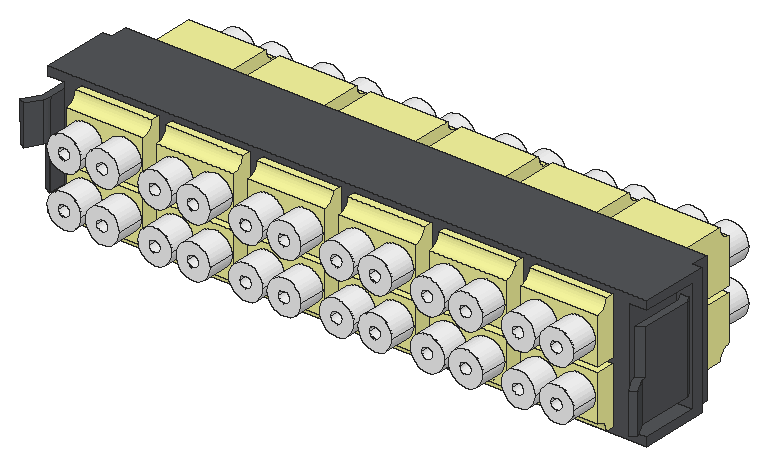
Revit family "LC Duplex 24 fibras", category Installations électriques, Revit 2020
Family settings
  Conserver l'orientation des annotations = Non
  Cote de connecteur circulaire = Utiliser le diamètre
  Type d'élément = Normal
  Basée sur le plan de construction = Non
  Toujours verticalement = Oui
  Couper avec des vides une fois chargée = Non
  Partagée = Non
  Point de calcul de pièce = Non
Parameters (values of type "Panel de adaptadores LC Duplex 24 fibras multimodal")
  Tipo de la fibra óptica = "Mutlimodal"
  Tipo de conector interno = "LC_DUPLEX"
  Tipo de conector externo = "LC_DUPLEX"
  Temperatura operativa = "-10°C à 60°C"
  Temperatura de almacenamiento = "-10°C à 60°C"
  Profundidad = 38.4 mm
  Número de pieza Legrand = "032125"
  Número de conectores = 24
  Numero RAL = "9017"
  IP = "IP20"
  IK = "IK04"
  Función = "Paneles de interconexión con optical conector Legrand"
  Formulación BIM = "Panel de adaptadores LC Duplex 24 fibras multimodal"
  Elévation par défaut = 0 mm
  EAN = "3414970961891"
  E-catalogo enlace = "https://www.legrand.fr/reference/032125/pro"
  Color de los conectores = IDS_JAUNE
  Color = IDS_NOIR
  Clasificación ETIM = "EC001130"
  Anchura de los conectores = 13.5 mm
  Anchura de la apertura = 6 mm
  Anchura (mm) = 108.8 mm
  Altura de los conectores = 10 mm
  Altura de la apertura = 1 mm
  Altura = 23 mm
Types (2, lengths in mm): name | Tipo de la fibra óptica | Número de pieza Legrand | Formulación BIM | EAN | E-catalogo enlace | Color de los conectores
  Panel de adaptadores LC Duplex 24 fibras monomodal | "unimodal" | "032115" | "Panel de adaptadores LC Duplex 24 fibras monomodal" | "3414970961754" | "https://www.legrand.fr/reference/032115/pro" | IDS_BLEU
  Panel de adaptadores LC Duplex 24 fibras multimodal | "Mutlimodal" | "032125" | "Panel de adaptadores LC Duplex 24 fibras multimodal" | "3414970961891" | "https://www.legrand.fr/reference/032125/pro" | IDS_JAUNE
Reference planes
  plane 1 "Centre (avant/arrière)": y = 0
  plane 2: z = 0
  plane 3 "Centre (gauche/droite)": x = 0
  plane 4 "Clip bas": z = 4
  plane 5 "Clip haut": z = 19
  plane 6: x = 105.5
  plane 7: x = 52.75
  plane 8: through (0.797, -2.504, 1200) normal (-0.866, 0.5, 0)
  plane 9: z = 1
  plane 10: z = 11
  plane 11: z = 12
  plane 12: z = 22
  plane 13: x = 6
  plane 14: x = 19.5
  plane 15: z = 23
  plane 16: x = 22
  plane 17: x = 35.5
  plane 18: x = 38
  plane 19: x = 51.5
  plane 20: x = 54
  plane 21: x = 67.5
  plane 22: x = 70
  plane 23: x = 83.5
  plane 24: x = 86
  plane 25: x = 99.5
  plane 26: y = -3.5
  plane 27: y = 25.5
  plane 28: z = 16
  plane 29: x = 12.75
  plane 30: x = 9.375
  plane 31: x = 16.125
  plane 32: z = 7
  plane 33: y = 11
  plane 34: z = 16
  plane 35: x = 28.75
  plane 36: x = 25.375
  plane 37: x = 32.125
  plane 38: z = 7
  plane 39: z = 16
  plane 40: x = 44.75
  plane 41: x = 41.375
  plane 42: x = 48.125
  plane 43: z = 7
  plane 44: z = 16
  plane 45: x = 60.75
  plane 46: x = 57.375
  plane 47: x = 64.125
  plane 48: z = 7
  plane 49: z = 16
  plane 50: x = 76.75
  plane 51: x = 73.375
  plane 52: x = 80.125
  plane 53: z = 7
  plane 54: z = 16
  plane 55: x = 92.75
  plane 56: x = 89.375
  plane 57: x = 96.125
  plane 58: z = 7
  plane 59: z = 16
  plane 60: x = 12.75
  plane 61: x = 9.375
  plane 62: x = 16.125
  plane 63: z = 7
  plane 64: z = 16
  plane 65: x = 28.75
  plane 66: x = 25.375
  plane 67: x = 32.125
  plane 68: z = 7
  plane 69: z = 16
  plane 70: x = 44.75
  plane 71: x = 41.375
  plane 72: x = 48.125
  plane 73: z = 7
  plane 74: z = 16
  plane 75: x = 60.75
  plane 76: x = 57.375
  plane 77: x = 64.125
  plane 78: z = 7
  plane 79: z = 16
  plane 80: x = 76.75
  plane 81: x = 73.375
  plane 82: x = 80.125
  plane 83: z = 7
  plane 84: z = 16
  plane 85: x = 92.75
  plane 86: x = 89.375
  plane 87: x = 96.125
  plane 88: z = 7
Forms (mm)
  Extrusion 1, solid, material "IDS_NOIR"
    sketch origin (0, 0, 0) x (1, 0, 0) y (0, 1, 0)
      loop
        line (0, 0) -> (105.5, 0) -> (105.5, 12) -> (103.9, 12) -> (103.9, 15) -> (1.6, 15) -> (1.6, 12) -> (0, 12) -> (0, 0)
    from 0 to 23
  Extrusion 2, void
    sketch origin (0, 0, 0) x (-1, 0, 0) y (0, 0, 1)
      loop
        line (0, 21.5) -> (-3, 21.5) -> (-3, 1.5) -> (0, 1.5) -> (0, 21.5)
      loop
        line (-105.5, 21.5) -> (-105.5, 1.5) -> (-102.5, 1.5) -> (-102.5, 21.5) -> (-105.5, 21.5)
    from 0 to 10
  Extrusion 3, solid, material "IDS_NOIR"
    sketch origin (0, 25.162, 4) x (0, 1, 0) y (-1, 0, 0)
      loop
        line (-29.912, 0.5) -> (-27.374, -0.965)
        arc (-27.374, -0.965) -> (-26.771, -1.215) -> (-26.124, -1.3) r 2.5
        line (-26.124, -1.3) -> (-16.662, -1.3) -> (-15.162, -2.166) -> (-15.162, -0.665) -> (-16.313, 0) -> (-26.446, 0) -> (-29.262, 1.626) -> (-29.912, 0.5)
      loop
        line (-29.912, -106) -> (-29.262, -107.126) -> (-26.446, -105.5) -> (-16.313, -105.5) -> (-15.162, -104.835) -> (-15.162, -103.334) -> (-16.662, -104.2) -> (-26.124, -104.2)
        arc (-26.124, -104.2) -> (-26.771, -104.285) -> (-27.374, -104.535) r 2.5
        line (-27.374, -104.535) -> (-29.912, -106)
    from 0 to 15
  Extrusion 4, void
    sketch origin (0.797, -2.504, 1200) x (0.5, 0.866025, 0) y (0, 0, 1)
      loop
        line (-2.593, -1196) -> (1.407, -1196) -> (1.407, -1188) -> (-2.593, -1188) -> (-2.593, -1196)
    from 0 to -2.615
  Extrusion 5, void
    sketch origin (104.703, -2.504, 1200) x (-0.5, 0.866025, 0) y (0, 0, -1)
      loop
        line (-2.593, 1181) -> (1.407, 1181) -> (1.407, 1189) -> (-2.593, 1189) -> (-2.593, 1181)
    from 0 to -2.615
  Extrusion 6, void
    sketch origin (2.941, 0, 0) x (-1, 0, 0) y (0, 0, 1)
      loop
        line (-3.059, 11) -> (-16.559, 11) -> (-16.559, 1) -> (-3.059, 1) -> (-3.059, 11)
      loop
        line (-19.059, 1) -> (-19.059, 11) -> (-32.559, 11) -> (-32.559, 1) -> (-19.059, 1)
      loop
        line (-35.059, 11) -> (-48.559, 11) -> (-48.559, 1) -> (-35.059, 1) -> (-35.059, 11)
      loop
        line (-51.059, 1) -> (-51.059, 11) -> (-64.559, 11) -> (-64.559, 1) -> (-51.059, 1)
      loop
        line (-67.059, 1) -> (-67.059, 11) -> (-80.559, 11) -> (-80.559, 1) -> (-67.059, 1)
      loop
        line (-83.059, 1) -> (-83.059, 11) -> (-96.559, 11) -> (-96.559, 1) -> (-83.059, 1)
    from 0 to 15
  Extrusion 7, void
    sketch origin (0, 0, 0) x (-1, 0, 0) y (0, 0, 1)
      loop
        line (-6, 12) -> (-6, 22) -> (-19.5, 22) -> (-19.5, 12) -> (-6, 12)
      loop
        line (-22, 12) -> (-22, 22) -> (-35.5, 22) -> (-35.5, 12) -> (-22, 12)
      loop
        line (-38, 22) -> (-51.5, 22) -> (-51.5, 12) -> (-38, 12) -> (-38, 22)
      loop
        line (-54, 12) -> (-54, 22) -> (-67.5, 22) -> (-67.5, 12) -> (-54, 12)
      loop
        line (-70, 12) -> (-70, 22) -> (-83.5, 22) -> (-83.5, 12) -> (-70, 12)
      loop
        line (-86, 12) -> (-86, 22) -> (-99.5, 22) -> (-99.5, 12) -> (-86, 12)
    from 0 to 15
  Extrusion 8, solid, material "IDS_JAUNE" <- "Color de los conectores"
    sketch origin (3.167, -3.5, 1200) x (-1, 0, 0) y (0, 0, 1)
      loop
        line (-16.333, -1199) -> (-2.833, -1199) -> (-2.833, -1189) -> (-16.333, -1189) -> (-16.333, -1199)
      loop
        line (-16.333, -1188) -> (-2.833, -1188) -> (-2.833, -1178) -> (-16.333, -1178) -> (-16.333, -1188)
      loop
        line (-18.833, -1188) -> (-18.833, -1178) -> (-32.333, -1178) -> (-32.333, -1188) -> (-18.833, -1188)
      loop
        line (-18.833, -1189) -> (-32.333, -1189) -> (-32.333, -1199) -> (-18.833, -1199) -> (-18.833, -1189)
      loop
        line (-34.833, -1199) -> (-34.833, -1189) -> (-48.333, -1189) -> (-48.333, -1199) -> (-34.833, -1199)
      loop
        line (-48.333, -1188) -> (-34.833, -1188) -> (-34.833, -1178) -> (-48.333, -1178) -> (-48.333, -1188)
      loop
        line (-50.833, -1188) -> (-50.833, -1178) -> (-64.333, -1178) -> (-64.333, -1188) -> (-50.833, -1188)
      loop
        line (-50.833, -1189) -> (-64.333, -1189) -> (-64.333, -1199) -> (-50.833, -1199) -> (-50.833, -1189)
      loop
        line (-66.833, -1199) -> (-66.833, -1189) -> (-80.333, -1189) -> (-80.333, -1199) -> (-66.833, -1199)
      loop
        line (-80.333, -1188) -> (-66.833, -1188) -> (-66.833, -1178) -> (-80.333, -1178) -> (-80.333, -1188)
      loop
        line (-82.833, -1188) -> (-82.833, -1178) -> (-96.333, -1178) -> (-96.333, -1188) -> (-82.833, -1188)
      loop
        line (-82.833, -1189) -> (-96.333, -1189) -> (-96.333, -1199) -> (-82.833, -1199) -> (-82.833, -1189)
    from 0 to 29
  Extrusion 9, void
    sketch origin (6, -1524, 1.878) x (0, 0, 1) y (0, -1, 0)
      loop
        line (-0.878, -1520.5) -> (-0.878, -1522.5)
        arc (-0.878, -1522.5) -> (0.536, -1521.914) -> (1.122, -1520.5) r 2
        line (1.122, -1520.5) -> (-0.878, -1520.5)
      loop
        line (20.122, -1522.5) -> (20.122, -1520.5) -> (18.122, -1520.5)
        arc (18.122, -1520.5) -> (18.707, -1521.914) -> (20.122, -1522.5) r 2
      loop
        line (18.122, -1549.5) -> (20.122, -1549.5) -> (20.122, -1547.5)
        arc (20.122, -1547.5) -> (18.707, -1548.086) -> (18.122, -1549.5) r 2
      loop
        line (-0.878, -1549.5) -> (1.122, -1549.5)
        arc (1.122, -1549.5) -> (0.536, -1548.086) -> (-0.878, -1547.5) r 2
        line (-0.878, -1547.5) -> (-0.878, -1549.5)
    from 0 to 93.5
  Extrusion 10, solid, material "IDS_BLANC"
    sketch origin (3.167, -3.5, 1200) x (-1, 0, 0) y (0, 0, 1)
      loop
        circle (-6.208, -1184) r 3
      loop
        circle (-6.208, -1184) r 1
      loop
        circle (-12.958, -1184) r 3
      loop
        circle (-12.958, -1184) r 1
      loop
        circle (-6.208, -1193) r 3
      loop
        circle (-6.208, -1193) r 1
      loop
        circle (-12.958, -1193) r 3
      loop
        circle (-12.958, -1193) r 1
    from 0 to -4.7
  Extrusion 11, solid, material "IDS_BLANC"
    sketch origin (19.167, -3.5, 1200) x (-1, 0, 0) y (0, 0, 1)
      loop
        circle (-6.208, -1184) r 3
      loop
        circle (-6.208, -1184) r 1
      loop
        circle (-12.958, -1184) r 3
      loop
        circle (-12.958, -1184) r 1
      loop
        circle (-6.208, -1193) r 3
      loop
        circle (-6.208, -1193) r 1
      loop
        circle (-12.958, -1193) r 3
      loop
        circle (-12.958, -1193) r 1
    from 0 to -4.7
  Extrusion 12, solid, material "IDS_BLANC"
    sketch origin (35.167, -3.5, 1200) x (-1, 0, 0) y (0, 0, 1)
      loop
        circle (-6.208, -1184) r 3
      loop
        circle (-6.208, -1184) r 1
      loop
        circle (-12.958, -1184) r 3
      loop
        circle (-12.958, -1184) r 1
      loop
        circle (-6.208, -1193) r 3
      loop
        circle (-6.208, -1193) r 1
      loop
        circle (-12.958, -1193) r 3
      loop
        circle (-12.958, -1193) r 1
    from 0 to -4.7
  Extrusion 13, solid, material "IDS_BLANC"
    sketch origin (51.167, -3.5, 1200) x (-1, 0, 0) y (0, 0, 1)
      loop
        circle (-6.208, -1184) r 3
      loop
        circle (-6.208, -1184) r 1
      loop
        circle (-12.958, -1184) r 3
      loop
        circle (-12.958, -1184) r 1
      loop
        circle (-6.208, -1193) r 3
      loop
        circle (-6.208, -1193) r 1
      loop
        circle (-12.958, -1193) r 3
      loop
        circle (-12.958, -1193) r 1
    from 0 to -4.7
  Extrusion 14, solid, material "IDS_BLANC"
    sketch origin (67.167, -3.5, 1200) x (-1, 0, 0) y (0, 0, 1)
      loop
        circle (-6.208, -1184) r 3
      loop
        circle (-6.208, -1184) r 1
      loop
        circle (-12.958, -1184) r 3
      loop
        circle (-12.958, -1184) r 1
      loop
        circle (-6.208, -1193) r 3
      loop
        circle (-6.208, -1193) r 1
      loop
        circle (-12.958, -1193) r 3
      loop
        circle (-12.958, -1193) r 1
    from 0 to -4.7
  Extrusion 15, solid, material "IDS_BLANC"
    sketch origin (83.167, -3.5, 1200) x (-1, 0, 0) y (0, 0, 1)
      loop
        circle (-6.208, -1184) r 3
      loop
        circle (-6.208, -1184) r 1
      loop
        circle (-12.958, -1184) r 3
      loop
        circle (-12.958, -1184) r 1
      loop
        circle (-6.208, -1193) r 3
      loop
        circle (-6.208, -1193) r 1
      loop
        circle (-12.958, -1193) r 3
      loop
        circle (-12.958, -1193) r 1
    from 0 to -4.7
  Extrusion 16, solid, material "IDS_BLANC"
    sketch origin (3.167, 25.5, 1200) x (-1, 0, 0) y (0, 0, -1)
      loop
        circle (-6.208, 1184) r 3
      loop
        circle (-6.208, 1184) r 1
      loop
        circle (-12.958, 1184) r 3
      loop
        circle (-12.958, 1184) r 1
      loop
        circle (-6.208, 1193) r 3
      loop
        circle (-6.208, 1193) r 1
      loop
        circle (-12.958, 1193) r 3
      loop
        circle (-12.958, 1193) r 1
    from 0 to -4.7
  Extrusion 17, solid, material "IDS_BLANC"
    sketch origin (19.167, 25.5, 1200) x (-1, 0, 0) y (0, 0, -1)
      loop
        circle (-6.208, 1184) r 3
      loop
        circle (-6.208, 1184) r 1
      loop
        circle (-12.958, 1184) r 3
      loop
        circle (-12.958, 1184) r 1
      loop
        circle (-6.208, 1193) r 3
      loop
        circle (-6.208, 1193) r 1
      loop
        circle (-12.958, 1193) r 3
      loop
        circle (-12.958, 1193) r 1
    from 0 to -4.7
  Extrusion 18, solid, material "IDS_BLANC"
    sketch origin (35.167, 25.5, 1200) x (-1, 0, 0) y (0, 0, -1)
      loop
        circle (-6.208, 1184) r 3
      loop
        circle (-6.208, 1184) r 1
      loop
        circle (-12.958, 1184) r 3
      loop
        circle (-12.958, 1184) r 1
      loop
        circle (-6.208, 1193) r 3
      loop
        circle (-6.208, 1193) r 1
      loop
        circle (-12.958, 1193) r 3
      loop
        circle (-12.958, 1193) r 1
    from 0 to -4.7
  Extrusion 19, solid, material "IDS_BLANC"
    sketch origin (51.167, 25.5, 1200) x (-1, 0, 0) y (0, 0, -1)
      loop
        circle (-6.208, 1184) r 3
      loop
        circle (-6.208, 1184) r 1
      loop
        circle (-12.958, 1184) r 3
      loop
        circle (-12.958, 1184) r 1
      loop
        circle (-6.208, 1193) r 3
      loop
        circle (-6.208, 1193) r 1
      loop
        circle (-12.958, 1193) r 3
      loop
        circle (-12.958, 1193) r 1
    from 0 to -4.7
  Extrusion 20, solid, material "IDS_BLANC"
    sketch origin (67.167, 25.5, 1200) x (-1, 0, 0) y (0, 0, -1)
      loop
        circle (-6.208, 1184) r 3
      loop
        circle (-6.208, 1184) r 1
      loop
        circle (-12.958, 1184) r 3
      loop
        circle (-12.958, 1184) r 1
      loop
        circle (-6.208, 1193) r 3
      loop
        circle (-6.208, 1193) r 1
      loop
        circle (-12.958, 1193) r 3
      loop
        circle (-12.958, 1193) r 1
    from 0 to -4.7
  Extrusion 21, solid, material "IDS_BLANC"
    sketch origin (83.167, 25.5, 1200) x (-1, 0, 0) y (0, 0, -1)
      loop
        circle (-6.208, 1184) r 3
      loop
        circle (-6.208, 1184) r 1
      loop
        circle (-12.958, 1184) r 3
      loop
        circle (-12.958, 1184) r 1
      loop
        circle (-6.208, 1193) r 3
      loop
        circle (-6.208, 1193) r 1
      loop
        circle (-12.958, 1193) r 3
      loop
        circle (-12.958, 1193) r 1
    from 0 to -4.7
Cuts and joins
  Extrusion 2, Extrusion 6, Extrusion 7 cuts Extrusion 1
  Extrusion 4, Extrusion 5 cuts Extrusion 3
  Extrusion 9 cuts Extrusion 8
Dimensions and locks
  locked: plane 1 "Centre (avant/arrière)" to Extrusion 1 sketch curve at 15
  locked: Extrusion 1 sketch curve to Extrusion 1 sketch curve at 105.5
  locked: Extrusion 1 sketch curve to Extrusion 1 sketch curve at 1.6  (x2)
  locked: Extrusion 1 sketch curve to Extrusion 1 sketch curve at 12
  locked: Extrusion 2 sketch curve to level at 1.5
  locked: Extrusion 1 to Extrusion 2 sketch curve at 1.5
  locked: Extrusion 2 sketch curve to plane 3 "Centre (gauche/droite)" at 3
  locked: Extrusion 2 sketch curve to Extrusion 1 at 3
  plane 4 "Clip bas" to level = 4 mm
  cut or joined group of Extrusion 1, Extrusion 2, Extrusion 6, Extrusion 7 to plane 5 "Clip haut" = 4 mm
  locked: Extrusion 3 sketch curve to plane 3 "Centre (gauche/droite)" at 0.5
  locked: Extrusion 3 sketch curve to plane 1 "Centre (avant/arrière)" at 4.75
  locked: plane 3 "Centre (gauche/droite)" to Extrusion 3 sketch curve at 1.3
  plane 1 "Centre (avant/arrière)" to Extrusion 3 sketch curve = 8.5 mm
  equal spacing: plane 3 "Centre (gauche/droite)", plane 7, plane 6, locked at 52.75 each
  locked: Extrusion 3 to Extrusion 4 sketch curve at 4
  locked: Extrusion 3 to Extrusion 4 sketch curve at 8
  cut or joined group of Extrusion 3, Extrusion 4, Extrusion 5 to Extrusion 5 sketch curve = 8 mm
  Extrusion 5 sketch curve to cut or joined group of Extrusion 3, Extrusion 4, Extrusion 5 = 4 mm
  "Altura de la apertura": plane 9 to level
  "Altura de los conectores": plane 10 to plane 9
  "Altura de los conectores": plane 12 to plane 11
  "Anchura de la apertura": plane 13 to plane 3 "Centre (gauche/droite)"
  "Anchura de los conectores": plane 13 to plane 14
  locked: plane 15 to level at 23
  "Altura de la apertura": plane 15 to plane 12
  "Anchura de los conectores": plane 16 to plane 17
  locked: plane 14 to plane 16 at 2.5
  locked: plane 17 to plane 18 at 2.5
  "Anchura de los conectores": plane 18 to plane 19
  "Anchura de la apertura": plane 6 to plane 25
  "Anchura de los conectores": plane 24 to plane 25
  locked: plane 24 to plane 23 at 2.5
  "Anchura de los conectores": plane 23 to plane 22
  plane 21 to plane 22 = 2.5 mm
  "Anchura de los conectores": plane 21 to plane 20
  locked: plane 26 to cut or joined group of Extrusion 1, Extrusion 2, Extrusion 6, Extrusion 7 at 3.5
  locked: plane 27 to cut or joined group of Extrusion 1, Extrusion 2, Extrusion 6, Extrusion 7 at 10.5
  equal spacing: cut or joined group of Extrusion 8, Extrusion 9, plane 28, cut or joined group of Extrusion 8, Extrusion 9
  equal spacing: cut or joined group of Extrusion 8, Extrusion 9, plane 29, cut or joined group of Extrusion 8, Extrusion 9
  equal spacing: cut or joined group of Extrusion 8, Extrusion 9, plane 30, plane 29
  equal spacing: cut or joined group of Extrusion 8, Extrusion 9, plane 31, plane 29
  equal spacing: cut or joined group of Extrusion 8, Extrusion 9, plane 32, cut or joined group of Extrusion 8, Extrusion 9
  equal spacing: plane 27, plane 33, plane 26
  plane 36 to plane 35 = 3.375 mm
  plane 37 to plane 35 = 3.375 mm
  plane 41 to plane 40 = 3.375 mm
  plane 42 to plane 40 = 3.375 mm
  plane 46 to plane 45 = 3.375 mm
  plane 47 to plane 45 = 3.375 mm
  plane 51 to plane 50 = 3.375 mm
  plane 52 to plane 50 = 3.375 mm
  plane 56 to plane 55 = 3.375 mm
  plane 57 to plane 55 = 3.375 mm
  plane 61 to plane 60 = 3.375 mm
  plane 62 to plane 60 = 3.375 mm
  plane 66 to plane 65 = 3.375 mm
  plane 67 to plane 65 = 3.375 mm
  plane 71 to plane 70 = 3.375 mm
  plane 72 to plane 70 = 3.375 mm
  plane 76 to plane 75 = 3.375 mm
  plane 77 to plane 75 = 3.375 mm
  plane 81 to plane 80 = 3.375 mm
  plane 82 to plane 80 = 3.375 mm
  plane 86 to plane 85 = 3.375 mm
  plane 87 to plane 85 = 3.375 mm
  radius of Extrusion 9 sketch curve = 2 mm  (x4)
  locked: cut or joined group of Extrusion 1, Extrusion 2, Extrusion 6, Extrusion 7 to Extrusion 3 sketch curve (angle 60.00°)
  aligned and locked: level to plane 2
  aligned and locked: plane 5 "Clip haut" to Extrusion 3
  aligned and locked: Extrusion 3 to plane 4 "Clip bas"
  aligned and locked: plane 6 to cut or joined group of Extrusion 1, Extrusion 2, Extrusion 6, Extrusion 7
  aligned and locked: Extrusion 4 sketch curve to Extrusion 3
  aligned and locked: Extrusion 3 to Extrusion 4 sketch curve
  aligned and locked: plane 8 to Extrusion 3
  aligned and locked: Extrusion 5 sketch curve to cut or joined group of Extrusion 3, Extrusion 4, Extrusion 5
  aligned and locked: plane 15 to cut or joined group of Extrusion 1, Extrusion 2, Extrusion 6, Extrusion 7
  aligned and locked: Extrusion 6 to plane 9
  aligned and locked: plane 10 to Extrusion 6
  aligned and locked: plane 13 to Extrusion 6
  aligned and locked: Extrusion 6 to plane 14
  aligned and locked: plane 9 to Extrusion 6 sketch curve  (x4)
  aligned and locked: Extrusion 6 sketch curve to plane 16
  aligned and locked: Extrusion 6 sketch curve to plane 10  (x4)
  aligned and locked: Extrusion 6 sketch curve to plane 17
  aligned and locked: plane 10 to Extrusion 6 sketch curve
  aligned and locked: plane 18 to Extrusion 6 sketch curve
  aligned and locked: Extrusion 6 sketch curve to plane 9
  aligned and locked: plane 19 to Extrusion 6 sketch curve
  aligned and locked: Extrusion 6 sketch curve to plane 20
  aligned and locked: Extrusion 6 sketch curve to plane 21
  aligned and locked: Extrusion 6 sketch curve to plane 22
  aligned and locked: Extrusion 6 sketch curve to plane 23
  aligned and locked: Extrusion 6 sketch curve to plane 24
  aligned and locked: Extrusion 6 sketch curve to plane 25
  aligned and locked: plane 11 to Extrusion 7 sketch curve  (x5)
  aligned and locked: Extrusion 7 sketch curve to plane 12  (x5)
  aligned and locked: plane 14 to Extrusion 7 sketch curve
  aligned and locked: Extrusion 7 sketch curve to plane 13
  aligned and locked: Extrusion 7 sketch curve to plane 16
  aligned and locked: plane 17 to Extrusion 7 sketch curve
  aligned and locked: plane 12 to Extrusion 7 sketch curve
  aligned and locked: plane 18 to Extrusion 7 sketch curve
  aligned and locked: Extrusion 7 sketch curve to plane 11
  aligned and locked: plane 19 to Extrusion 7 sketch curve
  aligned and locked: Extrusion 7 sketch curve to plane 20
  aligned and locked: Extrusion 7 sketch curve to plane 21
  aligned and locked: Extrusion 7 sketch curve to plane 22
  aligned and locked: Extrusion 7 sketch curve to plane 23
  aligned and locked: Extrusion 7 sketch curve to plane 24
  aligned and locked: Extrusion 7 sketch curve to plane 25
  aligned and locked: Extrusion 1 to Extrusion 7
  aligned and locked: Extrusion 1 to Extrusion 6
  aligned and locked: Extrusion 2 sketch curve to Extrusion 2 sketch curve  (x2)
  aligned and locked: Extrusion 8 sketch curve to cut or joined group of Extrusion 1, Extrusion 2, Extrusion 6, Extrusion 7  (x48)
  aligned and locked: plane 27 to Extrusion 8
  aligned and locked: Extrusion 8 to Extrusion 9 sketch curve  (x3)
  aligned and locked: Extrusion 9 sketch curve to Extrusion 8  (x2)
  aligned and locked: Extrusion 9 to cut or joined group of Extrusion 1, Extrusion 2, Extrusion 6, Extrusion 7
Automatic sketch dimensions
  plane 1 "Centre (avant/arrière)" to Extrusion 1 sketch curve = 0 mm
  Extrusion 1 sketch curve to plane 3 "Centre (gauche/droite)" = 0 mm
  plane 33 to Extrusion 1 sketch curve = 1 mm
  plane 6 to Extrusion 2 sketch curve = 0 mm
  Extrusion 2 sketch curve to plane 3 "Centre (gauche/droite)" = 0 mm
  Extrusion 3 sketch curve to plane 6 = 0 mm
  Extrusion 3 sketch curve to plane 3 "Centre (gauche/droite)" = 0 mm
  Extrusion 3 sketch curve to plane 26 = 1.25 mm
  Extrusion 3 sketch curve to plane 26 = 0.6 mm  (x2)
  plane 3 "Centre (gauche/droite)" to Extrusion 3 sketch curve = 0.965 mm
  plane 26 to Extrusion 3 sketch curve = 1.288 mm
  plane 1 "Centre (avant/arrière)" to Extrusion 3 sketch curve = 1.284 mm
  plane 1 "Centre (avant/arrière)" to Extrusion 3 sketch curve = 0.962 mm  (x2)
  Extrusion 3 sketch curve to plane 33 = 2.5 mm
  Extrusion 3 sketch curve to Extrusion 3 sketch curve = 0.348 mm  (x2)
  Extrusion 3 sketch curve to plane 33 = 1 mm  (x2)
  Extrusion 3 sketch curve to plane 6 = 0.5 mm
  Extrusion 3 sketch curve to plane 6 = 1.2 mm
  plane 6 to Extrusion 3 sketch curve = 0.665 mm
  Extrusion 3 sketch curve to Extrusion 3 sketch curve = 1.501 mm
  Extrusion 3 sketch curve to Extrusion 3 sketch curve = 0.866 mm
  plane 3 "Centre (gauche/droite)" to Extrusion 3 sketch curve = 0.665 mm
  Extrusion 5 sketch curve to Extrusion 5 sketch curve = 4 mm
  Extrusion 6 sketch curve to plane 10 = 0 mm
  plane 14 to Extrusion 6 sketch curve = 0 mm
  Extrusion 6 sketch curve to plane 9 = 0 mm
  Extrusion 6 sketch curve to plane 13 = 0 mm
  Extrusion 9 sketch curve to plane 9 = 0 mm
  Extrusion 9 sketch curve to plane 27 = 0 mm
  Extrusion 9 sketch curve to plane 26 = 0 mm
  Extrusion 10 sketch curve to Extrusion 10 sketch curve = 0 mm  (x8)
  plane 31 to Extrusion 10 sketch curve = 0 mm  (x2)
  Extrusion 10 sketch curve to plane 28 = 0 mm  (x2)
  Extrusion 10 sketch curve to plane 30 = 0 mm  (x2)
  Extrusion 10 sketch curve to plane 32 = 0 mm  (x2)
  Extrusion 11 sketch curve to Extrusion 11 sketch curve = 0 mm  (x8)
  plane 37 to Extrusion 11 sketch curve = 0 mm  (x2)
  Extrusion 11 sketch curve to plane 34 = 0 mm  (x2)
  Extrusion 11 sketch curve to plane 36 = 0 mm  (x2)
  Extrusion 11 sketch curve to plane 38 = 0 mm  (x2)
  Extrusion 12 sketch curve to Extrusion 12 sketch curve = 0 mm  (x8)
  plane 42 to Extrusion 12 sketch curve = 0 mm  (x2)
  Extrusion 12 sketch curve to plane 39 = 0 mm  (x2)
  Extrusion 12 sketch curve to plane 41 = 0 mm  (x2)
  Extrusion 12 sketch curve to plane 43 = 0 mm  (x2)
  Extrusion 13 sketch curve to Extrusion 13 sketch curve = 0 mm  (x8)
  plane 47 to Extrusion 13 sketch curve = 0 mm  (x2)
  Extrusion 13 sketch curve to plane 44 = 0 mm  (x2)
  Extrusion 13 sketch curve to plane 46 = 0 mm  (x2)
  Extrusion 13 sketch curve to plane 48 = 0 mm  (x2)
  Extrusion 14 sketch curve to Extrusion 14 sketch curve = 0 mm  (x8)
  plane 52 to Extrusion 14 sketch curve = 0 mm  (x2)
  Extrusion 14 sketch curve to plane 49 = 0 mm  (x2)
  Extrusion 14 sketch curve to plane 51 = 0 mm  (x2)
  Extrusion 14 sketch curve to plane 53 = 0 mm  (x2)
  Extrusion 15 sketch curve to Extrusion 15 sketch curve = 0 mm  (x8)
  plane 57 to Extrusion 15 sketch curve = 0 mm  (x2)
  Extrusion 15 sketch curve to plane 54 = 0 mm  (x2)
  Extrusion 15 sketch curve to plane 56 = 0 mm  (x2)
  Extrusion 15 sketch curve to plane 58 = 0 mm  (x2)
  Extrusion 16 sketch curve to Extrusion 16 sketch curve = 0 mm  (x8)
  plane 62 to Extrusion 16 sketch curve = 0 mm  (x2)
  Extrusion 16 sketch curve to plane 59 = 0 mm  (x2)
  Extrusion 16 sketch curve to plane 61 = 0 mm  (x2)
  Extrusion 16 sketch curve to plane 63 = 0 mm  (x2)
  Extrusion 17 sketch curve to Extrusion 17 sketch curve = 0 mm  (x8)
  plane 67 to Extrusion 17 sketch curve = 0 mm  (x2)
  Extrusion 17 sketch curve to plane 64 = 0 mm  (x2)
  Extrusion 17 sketch curve to plane 66 = 0 mm  (x2)
  Extrusion 17 sketch curve to plane 68 = 0 mm  (x2)
  Extrusion 18 sketch curve to Extrusion 18 sketch curve = 0 mm  (x8)
  plane 72 to Extrusion 18 sketch curve = 0 mm  (x2)
  Extrusion 18 sketch curve to plane 69 = 0 mm  (x2)
  Extrusion 18 sketch curve to plane 71 = 0 mm  (x2)
  Extrusion 18 sketch curve to plane 73 = 0 mm  (x2)
  Extrusion 19 sketch curve to Extrusion 19 sketch curve = 0 mm  (x8)
  plane 77 to Extrusion 19 sketch curve = 0 mm  (x2)
  Extrusion 19 sketch curve to plane 74 = 0 mm  (x2)
  Extrusion 19 sketch curve to plane 76 = 0 mm  (x2)
  Extrusion 19 sketch curve to plane 78 = 0 mm  (x2)
  Extrusion 20 sketch curve to Extrusion 20 sketch curve = 0 mm  (x8)
  plane 82 to Extrusion 20 sketch curve = 0 mm  (x2)
  Extrusion 20 sketch curve to plane 79 = 0 mm  (x2)
  Extrusion 20 sketch curve to plane 81 = 0 mm  (x2)
  Extrusion 20 sketch curve to plane 83 = 0 mm  (x2)
  Extrusion 21 sketch curve to Extrusion 21 sketch curve = 0 mm  (x8)
  plane 87 to Extrusion 21 sketch curve = 0 mm  (x2)
  Extrusion 21 sketch curve to plane 84 = 0 mm  (x2)
  Extrusion 21 sketch curve to plane 86 = 0 mm  (x2)
  Extrusion 21 sketch curve to plane 88 = 0 mm  (x2)
  radius of Extrusion 10 sketch curve = 3 mm  (x4)
  radius of Extrusion 10 sketch curve = 1 mm  (x4)
  radius of Extrusion 11 sketch curve = 3 mm  (x4)
  radius of Extrusion 11 sketch curve = 1 mm  (x4)
  radius of Extrusion 12 sketch curve = 3 mm  (x4)
  radius of Extrusion 12 sketch curve = 1 mm  (x4)
  radius of Extrusion 13 sketch curve = 3 mm  (x4)
  radius of Extrusion 13 sketch curve = 1 mm  (x4)
  radius of Extrusion 14 sketch curve = 3 mm  (x4)
  radius of Extrusion 14 sketch curve = 1 mm  (x4)
  radius of Extrusion 15 sketch curve = 3 mm  (x4)
  radius of Extrusion 15 sketch curve = 1 mm  (x4)
  radius of Extrusion 16 sketch curve = 3 mm  (x4)
  radius of Extrusion 16 sketch curve = 1 mm  (x4)
  radius of Extrusion 17 sketch curve = 3 mm  (x4)
  radius of Extrusion 17 sketch curve = 1 mm  (x4)
  radius of Extrusion 18 sketch curve = 3 mm  (x4)
  radius of Extrusion 18 sketch curve = 1 mm  (x4)
  radius of Extrusion 19 sketch curve = 3 mm  (x4)
  radius of Extrusion 19 sketch curve = 1 mm  (x4)
  radius of Extrusion 20 sketch curve = 3 mm  (x4)
  radius of Extrusion 20 sketch curve = 1 mm  (x4)
  radius of Extrusion 21 sketch curve = 3 mm  (x4)
  radius of Extrusion 21 sketch curve = 1 mm  (x4)
